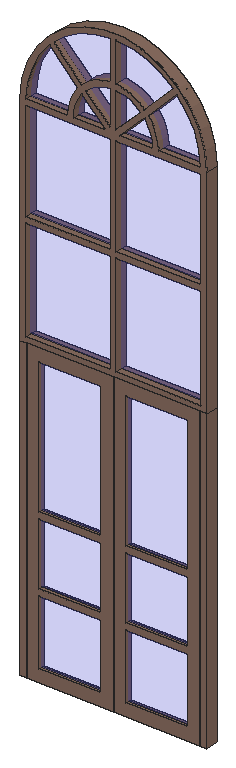
Revit family "DAL_A3-516-FRONT-DOOR", category Doors, host Wall, Revit 2016
Family settings
  Host = Wall
  Always vertical = Yes
  Cut with Voids When Loaded = No
  Shared = No
  Room Calculation Point = No
Parameters (values of type "Front Door")
  offset = 115 mm
  Function = Interior
  Frame Projection Ext. = 25 mm
  Frame Projection Int. = 25 mm
  Frame Width = 75 mm
  Height = 2000 mm
  Wall Closure = By host
  Width = 1700 mm
Reference planes
  plane 1: y = 0
  plane 2 "Center (Left/Right)": x = 0
  plane 3 "Left": x = -850
  plane 4 "Right": x = 850
  plane 5 "Exterior": y = 115
  plane 6 "Interior": y = -115
  plane 7: x = 750
  plane 8: x = -750
  plane 9: z = 4900
Forms (mm)
  Extrusion 1, solid, material "frontdoor"
    sketch origin (0, 115, 0) x (1, 0, 0) y (0, 0, 1)
      loop
        line (750, 2415) -> (750, 4150)
        arc (750, 4150) -> (0, 4900) -> (-750, 4150) r 750
        line (-750, 4150) -> (-750, 2415) -> (750, 2415)
      loop
        line (706, 2459) -> (706, 3282.5) -> (22, 3282.5) -> (22, 2459) -> (706, 2459)
      loop
        line (-706, 4128) -> (-706, 3326.5) -> (-22, 3326.5) -> (-22, 4128) -> (-706, 4128)
      loop
        line (-706, 2459) -> (-22, 2459) -> (-22, 3282.5) -> (-706, 3282.5) -> (-706, 2459)
      loop
        line (-705.657, 4172) -> (-363.829, 4172)
        arc (-363.829, 4172) -> (-342.88, 4293.673) -> (-282.448, 4401.335) r 363.829
        line (-282.448, 4401.335) -> (-514.531, 4633.419)
        arc (-514.531, 4633.419) -> (-652.259, 4420.175) -> (-705.657, 4172) r 706
      loop
        line (706, 4128) -> (22, 4128) -> (22, 3326.5) -> (706, 3326.5) -> (706, 4128)
      loop
        line (22, 4855.657) -> (22, 4535.163)
        arc (22, 4535.163) -> (146.391, 4505.078) -> (252.669, 4433.782) r 363.829
        line (252.669, 4433.782) -> (483.419, 4664.531)
        arc (483.419, 4664.531) -> (270.175, 4802.259) -> (22, 4855.657) r 706
      loop
        line (-22, 4203.113) -> (-22, 4491.071)
        arc (-22, 4491.071) -> (-129.55, 4464.416) -> (-221.551, 4402.663) r 319.829
        line (-221.551, 4402.663) -> (-22, 4203.113)
      loop
        arc (-22, 4855.657) -> (-270.175, 4802.259) -> (-483.419, 4664.531) r 706
        line (-483.419, 4664.531) -> (-252.669, 4433.782)
        arc (-252.669, 4433.782) -> (-146.391, 4505.078) -> (-22, 4535.163) r 363.829
        line (-22, 4535.163) -> (-22, 4855.657)
      loop
        arc (319.829, 4172) -> (302.17, 4276.802) -> (251.145, 4370.032) r 319.829
        line (251.145, 4370.032) -> (53.113, 4172) -> (319.829, 4172)
      loop
        line (22, 4203.113) -> (221.551, 4402.663)
        arc (221.551, 4402.663) -> (129.55, 4464.416) -> (22, 4491.071) r 319.829
        line (22, 4491.071) -> (22, 4203.113)
      loop
        line (514.531, 4633.419) -> (282.448, 4401.335)
        arc (282.448, 4401.335) -> (342.88, 4293.673) -> (363.829, 4172) r 363.829
        line (363.829, 4172) -> (705.657, 4172)
        arc (705.657, 4172) -> (652.259, 4420.175) -> (514.531, 4633.419) r 706
      loop
        arc (-251.145, 4370.032) -> (-302.17, 4276.802) -> (-319.829, 4172) r 319.829
        line (-319.829, 4172) -> (-53.113, 4172) -> (-251.145, 4370.032)
    from 65 to 165
  Extrusion 2, solid, material "frontdoor"
    sketch origin (0, 115, 0) x (1, 0, 0) y (0, 0, 1)
      loop
        line (700, 2415) -> (0, 2415) -> (0, 0) -> (700, 0) -> (700, 2415)
      loop
        line (600, 2315) -> (100, 2315) -> (100, 1232.5) -> (600, 1232.5) -> (600, 2315)
      loop
        line (100, 100) -> (600, 100) -> (600, 628.75) -> (100, 628.75) -> (100, 100)
      loop
        line (100, 678.75) -> (600, 678.75) -> (600, 1182.5) -> (100, 1182.5) -> (100, 678.75)
    from 115 to 165
  Extrusion 3, solid, material "frontdoor"
    sketch origin (0, 75, 0) x (-1, 0, 0) y (0, 0, -1)
      loop
        line (700, -2415) -> (700, 0) -> (0, 0) -> (0, -2415) -> (700, -2415)
      loop
        line (100, -2315) -> (600, -2315) -> (600, -1232.5) -> (100, -1232.5) -> (100, -2315)
      loop
        line (600, -100) -> (100, -100) -> (100, -628.75) -> (600, -628.75) -> (600, -100)
      loop
        line (100, -1182.5) -> (600, -1182.5) -> (600, -678.75) -> (100, -678.75) -> (100, -1182.5)
    from 75 to 125
  Extrusion 4, solid, material "Glass"
    sketch origin (0, 115, 0) x (1, 0, 0) y (0, 0, 1)
      loop
        line (600, 2315) -> (100, 2315) -> (100, 1232.5) -> (600, 1232.5) -> (600, 2315)
      loop
        line (600, 1182.5) -> (100, 1182.5) -> (100, 678.75) -> (600, 678.75) -> (600, 1182.5)
      loop
        line (600, 628.75) -> (100, 628.75) -> (100, 100) -> (600, 100) -> (600, 628.75)
    from 135 to 145
  Extrusion 5, solid, material "Glass"
    sketch origin (0, 75, 0) x (-1, 0, 0) y (0, 0, -1)
      loop
        line (600, -2315) -> (600, -1232.5) -> (100, -1232.5) -> (100, -2315) -> (600, -2315)
      loop
        line (600, -1182.5) -> (600, -678.75) -> (100, -678.75) -> (100, -1182.5) -> (600, -1182.5)
      loop
        line (600, -628.75) -> (600, -100) -> (100, -100) -> (100, -628.75) -> (600, -628.75)
    from 95 to 105
  Extrusion 6, solid, material "Glass"
    sketch origin (0, -115, 0) x (1, 0, 0) y (0, 0, 1)
      loop
        line (514.531, 4633.419) -> (53.113, 4172) -> (705.657, 4172)
        arc (705.657, 4172) -> (652.259, 4420.175) -> (514.531, 4633.419) r 706
      loop
        line (22, 4855.657) -> (22, 4203.113) -> (483.419, 4664.531)
        arc (483.419, 4664.531) -> (270.175, 4802.259) -> (22, 4855.657) r 706
      loop
        arc (-22, 4855.657) -> (-270.175, 4802.259) -> (-483.419, 4664.531) r 706
        line (-483.419, 4664.531) -> (-22, 4203.113) -> (-22, 4855.657)
      loop
        arc (-514.531, 4633.419) -> (-652.259, 4420.175) -> (-705.657, 4172) r 706
        line (-705.657, 4172) -> (-53.113, 4172) -> (-514.531, 4633.419)
      loop
        line (-706, 4128) -> (-706, 3326.5) -> (-22, 3326.5) -> (-22, 4128) -> (-706, 4128)
      loop
        line (22, 4128) -> (22, 3326.5) -> (706, 3326.5) -> (706, 4128) -> (22, 4128)
      loop
        line (22, 3282.5) -> (22, 2459) -> (706, 2459) -> (706, 3282.5) -> (22, 3282.5)
      loop
        line (-22, 3282.5) -> (-706, 3282.5) -> (-706, 2459) -> (-22, 2459) -> (-22, 3282.5)
    from -120 to -110
  Extrusion 7, solid, material "frontdoor"
    sketch origin (0, 115, 0) x (1, 0, 0) y (0, 0, 1)
      loop
        line (700, 2415) -> (700, 0) -> (750, 0) -> (750, 2415) -> (700, 2415)
      loop
        line (-700, 0) -> (-700, 2415) -> (-750, 2415) -> (-750, 0) -> (-700, 0)
    from 65 to 165
Lines and regions (mm)
  Opening 1
    outline origin (-3050, -115, 0) x (1, 0, 0) y (0, 0, 1)
      loop
        line (2300, 0) -> (3800, 0) -> (3800, 4150)
        arc (3800, 4150) -> (3050, 4900) -> (2300, 4150) r 750
        line (2300, 4150) -> (2300, 0)
  symbolic lines, style "Plan Swing"
    curve 1: arc (2.196, -52.02, 0) -> (-201.795, -586.435, 0) -> (-710, -848.999, 0) r 802.026
    curve 2: line (-750, -50, 0) -> (-710, -50, 0)
    curve 3: line (-750, -848.999, 0) -> (-750, -50, 0)
    curve 4: line (-710, -848.999, 0) -> (-750, -848.999, 0)
    curve 5: line (-710, -50, 0) -> (-710, -848.999, 0)
    curve 10: arc (-2.196, -52.02, 0) -> (201.795, -586.435, 0) -> (710, -848.999, 0) r 802.026
    curve 11: line (750, -50, 0) -> (710, -50, 0)
    curve 12: line (750, -848.999, 0) -> (750, -50, 0)
    curve 13: line (710, -848.999, 0) -> (750, -848.999, 0)
    curve 14: line (710, -50, 0) -> (710, -848.999, 0)
  model lines, style "Elevation Swing"
    curve 6: line (700, 115, 2415) -> (0, 115, 1207.5)
    curve 7: line (0, 115, 1207.5) -> (700, 115, 0)
    curve 8: line (-700, 115, 2415) -> (0, 115, 1207.5)
    curve 9: line (-700, 115, 0) -> (0, 115, 1207.5)
Text (mm)
  text "Exterior" at (-2295.016, 1099.543, 0), in view "Ref. Level"
  text "Exterior" at (0, 1615.38, 3698.081), in view "Left"
  text "Exterior" at (0, 1036.032, 3874.932), in view "Right"
Dimensions and locks
  equal spacing: plane 3 "Left", plane 2 "Center (Left/Right)", plane 4 "Right"
  "Width": plane 3 "Left" to plane 4 "Right"
  locked: plane 5 "Exterior" to host wall at 0
  locked: plane 6 "Interior" to host wall
  Extrusion 1 to host wall to Extrusion 1 = 50 mm locked, 50 mm locked
  locked: Extrusion 2 to Extrusion 4 at 20  (x2)
  Extrusion 6 to Extrusion 3 to Extrusion 6 = 5 mm locked, 5 mm locked
  locked: curve 4 to Extrusion 3 at 798.999
  plane 6 "Interior" to plane 1 = 115 mm
  radius of curve 1 = 802.026 mm
  aligned and locked: Opening 1 sketch curve to level
  aligned and locked: plane 1 to host wall
  aligned and locked: Extrusion 2 sketch curve to Extrusion 1
  aligned and locked: level to Extrusion 2 sketch curve
  aligned and locked: Extrusion 2 sketch curve to plane 2 "Center (Left/Right)"
  aligned and locked: Extrusion 1 to Extrusion 2
  aligned and locked: Extrusion 2 to host wall
  aligned and locked: Extrusion 3 to host wall
  aligned and locked: Extrusion 1 to Extrusion 3
  aligned and locked: Extrusion 3 to Extrusion 2
  aligned and locked: curve 2 to Extrusion 3
  aligned and locked: Extrusion 7 sketch curve to Extrusion 2
  aligned and locked: Extrusion 7 sketch curve to host wall
  aligned and locked: Extrusion 7 sketch curve to Extrusion 3
  aligned and locked: Extrusion 7 sketch curve to Extrusion 1
  aligned and locked: Extrusion 1 to Extrusion 7  (x2)
Automatic sketch dimensions
  Extrusion 5 sketch curve to plane 2 "Center (Left/Right)" = 100 mm  (x2)
  Extrusion 5 sketch curve to Extrusion 5 sketch curve = 0 mm  (x2)
  Extrusion 5 sketch curve to plane 3 "Left" = 250 mm  (x2)
  Extrusion 5 sketch curve to Extrusion 5 sketch curve = 1082.5 mm
  Extrusion 5 sketch curve to Extrusion 5 sketch curve = 50 mm  (x2)
  Extrusion 5 sketch curve to Extrusion 5 sketch curve = 503.75 mm
  level to Extrusion 5 sketch curve = 100 mm
  Extrusion 7 sketch curve to plane 8 = 0 mm
  Extrusion 7 sketch curve to plane 7 = 0 mm
  Extrusion 7 sketch curve to Extrusion 7 sketch curve = 50 mm
  plane 7 to Extrusion 7 sketch curve = 50 mm
  Extrusion 6 sketch curve to plane 2 "Center (Left/Right)" = 0 mm
  plane 7 to Extrusion 6 sketch curve = 235.469 mm
  plane 7 to Extrusion 6 sketch curve = 44.343 mm
  Extrusion 6 sketch curve to Extrusion 6 sketch curve = 22 mm  (x2)
  Extrusion 6 sketch curve to Extrusion 6 sketch curve = 0 mm  (x10)
  plane 2 "Center (Left/Right)" to Extrusion 6 sketch curve = 22 mm  (x3)
  Extrusion 6 sketch curve to Extrusion 6 sketch curve = 31.113 mm  (x8)
  Extrusion 6 sketch curve to plane 2 "Center (Left/Right)" = 22 mm  (x3)
  plane 9 to Extrusion 6 sketch curve = 235.469 mm
  Extrusion 6 sketch curve to plane 8 = 44.343 mm
  Extrusion 6 sketch curve to Extrusion 6 sketch curve = 801.5 mm
  Extrusion 6 sketch curve to plane 8 = 44 mm
  plane 7 to Extrusion 6 sketch curve = 44 mm  (x2)
  Extrusion 6 sketch curve to Extrusion 6 sketch curve = 44 mm  (x3)
  Extrusion 6 sketch curve to Extrusion 6 sketch curve = 823.5 mm
  plane 9 to Opening 1 sketch curve = 750 mm
  Opening 1 sketch curve to plane 8 = 0 mm
  Opening 1 sketch curve to plane 2 "Center (Left/Right)" = 0 mm
  curve 9 to level = 0 mm
  curve 7 to plane 2 "Center (Left/Right)" = 0 mm
  curve 7 to level = 0 mm
  curve 8 to plane 8 = 50 mm
  curve 9 to plane 8 = 50 mm
  plane 7 to curve 7 = 50 mm
  plane 7 to curve 6 = 50 mm
  level to curve 7 = 1207.5 mm
  curve 6 to curve 8 = 1207.5 mm
  curve 6 to curve 6 = 1207.5 mm
  Extrusion 1 sketch curve to Extrusion 1 sketch curve = 0 mm  (x24)
  Extrusion 1 sketch curve to plane 8 = 0 mm
  Extrusion 1 sketch curve to plane 2 "Center (Left/Right)" = 0 mm  (x2)
  Extrusion 1 sketch curve to plane 8 = 44 mm  (x2)
  Extrusion 1 sketch curve to Extrusion 1 sketch curve = 0.343 mm
  Extrusion 1 sketch curve to plane 8 = 235.469 mm
  Extrusion 1 sketch curve to Extrusion 1 sketch curve = 31.113 mm  (x7)
  Extrusion 1 sketch curve to Extrusion 1 sketch curve = 341.829 mm
  Extrusion 1 sketch curve to Extrusion 1 sketch curve = 44 mm  (x7)
  Extrusion 1 sketch curve to Extrusion 1 sketch curve = 37.381 mm
  Extrusion 1 sketch curve to Extrusion 1 sketch curve = 29.779 mm  (x2)
  Extrusion 1 sketch curve to Extrusion 1 sketch curve = 31.303 mm
  Extrusion 1 sketch curve to Extrusion 1 sketch curve = 31.118 mm  (x4)
  Extrusion 1 sketch curve to plane 2 "Center (Left/Right)" = 53.113 mm
  Extrusion 1 sketch curve to plane 2 "Center (Left/Right)" = 22 mm  (x4)
  plane 2 "Center (Left/Right)" to Extrusion 1 sketch curve = 22 mm  (x4)
  Extrusion 1 sketch curve to Extrusion 1 sketch curve = 199.551 mm
  Extrusion 1 sketch curve to Extrusion 1 sketch curve = 29.594 mm
  Extrusion 1 sketch curve to Extrusion 1 sketch curve = 68.684 mm
  plane 7 to Extrusion 1 sketch curve = 266.581 mm
  plane 7 to Extrusion 1 sketch curve = 44.343 mm
  plane 7 to Extrusion 1 sketch curve = 44 mm  (x2)
  level to Extrusion 1 sketch curve = 2415 mm
  Extrusion 1 sketch curve to Extrusion 1 sketch curve = 823.5 mm
  plane 9 to Extrusion 1 sketch curve = 772 mm
  Extrusion 1 sketch curve to Extrusion 1 sketch curve = 22 mm
  Extrusion 1 sketch curve to Extrusion 1 sketch curve = 32.631 mm  (x2)
  Extrusion 6 sketch curve to Extrusion 6 sketch curve = 191.126 mm
  plane 2 "Center (Left/Right)" to Extrusion 2 sketch curve = 100 mm  (x2)
  plane 7 to Extrusion 2 sketch curve = 50 mm
  Extrusion 2 sketch curve to Extrusion 2 sketch curve = 100 mm  (x3)
  level to Extrusion 2 sketch curve = 100 mm
  Extrusion 2 sketch curve to Extrusion 2 sketch curve = 503.75 mm
  Extrusion 2 sketch curve to Extrusion 2 sketch curve = 50 mm  (x2)
  Extrusion 2 sketch curve to Extrusion 2 sketch curve = 528.75 mm
  Extrusion 2 sketch curve to Extrusion 2 sketch curve = 0 mm  (x2)
  plane 2 "Center (Left/Right)" to Extrusion 4 sketch curve = 100 mm  (x2)
  Extrusion 4 sketch curve to Extrusion 4 sketch curve = 0 mm  (x2)
  plane 7 to Extrusion 4 sketch curve = 150 mm  (x2)
  level to Extrusion 4 sketch curve = 100 mm
  Extrusion 4 sketch curve to Extrusion 4 sketch curve = 528.75 mm
  Extrusion 4 sketch curve to Extrusion 4 sketch curve = 50 mm  (x2)
  Extrusion 4 sketch curve to Extrusion 4 sketch curve = 503.75 mm
  Extrusion 4 sketch curve to Extrusion 4 sketch curve = 1082.5 mm
  Extrusion 3 sketch curve to level = 0 mm
  Extrusion 3 sketch curve to plane 2 "Center (Left/Right)" = 0 mm
  Extrusion 3 sketch curve to Extrusion 3 sketch curve = 0 mm  (x4)
  Extrusion 3 sketch curve to plane 8 = 50 mm
  level to Extrusion 3 sketch curve = 100 mm
  Extrusion 3 sketch curve to Extrusion 3 sketch curve = 528.75 mm
  Extrusion 3 sketch curve to Extrusion 3 sketch curve = 503.75 mm
  Extrusion 3 sketch curve to Extrusion 3 sketch curve = 1082.5 mm
  Extrusion 3 sketch curve to Extrusion 3 sketch curve = 100 mm  (x2)
  Extrusion 3 sketch curve to plane 2 "Center (Left/Right)" = 100 mm
  Extrusion 3 sketch curve to Extrusion 3 sketch curve = 50 mm  (x2)
  Extrusion 5 sketch curve to Extrusion 5 sketch curve = 528.75 mm
  curve 4 to plane 8 = 0 mm
  plane 8 to curve 1 = 49.83 mm
  curve 1 to plane 8 = 40 mm
  curve 11 to plane 7 = 0 mm
  plane 7 to curve 14 = 40 mm
  curve 10 to plane 2 "Center (Left/Right)" = 2.196 mm
  curve 10 to plane 7 = 49.83 mm
  host wall to curve 12 = 733.999 mm
  curve 10 to curve 11 = 2.02 mm
